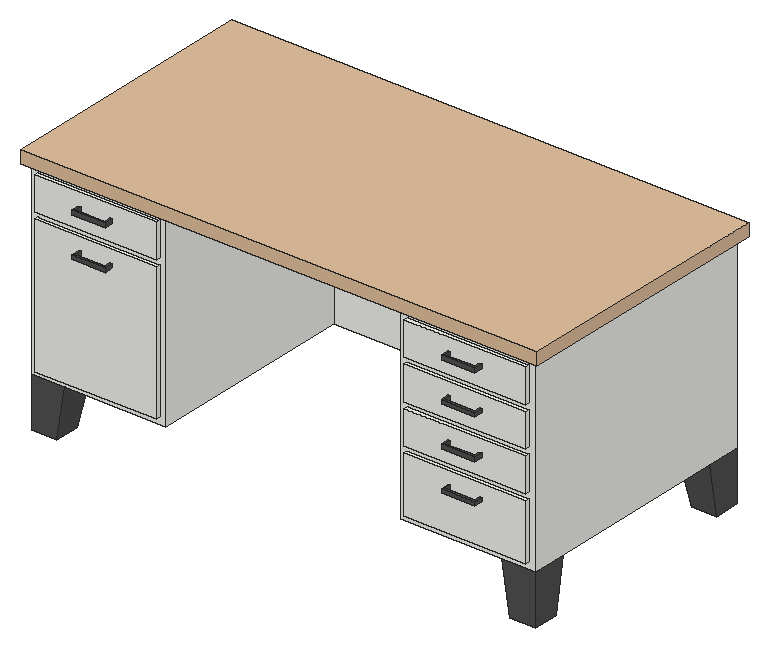
Revit family "Desk", category Furniture, Revit 2015
Parameters (values of type "60" x 30"")
  Assembly Code = "E2020200"
  Depth = 2' - 6"
  Body Material = Laminate, Ivory, Matte
  Handle/Leg Material = Steel, Chrome Plated
  Top Material = Cherry
  Height = 2' - 6"
  Leg Height = 0' - 6"
  Width = 5' - 0"
Types (3): name | Depth | Width
  60" x 30" | 2' - 6" | 5' - 0"
  72" x 36" | 3' - 0" | 6' - 0"
  60" x 30" Student | 2' - 6" | 5' - 0"
Reference planes (in)
  plane 1: z = 0
  plane 2: z = 28.5
  plane 3: z = 6
  plane 4: z = 30
  plane 5 "Center (Left/Right)": x = 30
  plane 6 "Center (Front/Back)": y = 15
  plane 7 "Drawer Edge": y = -0.5
  plane 8: x = 8
  plane 9: x = 52
  plane 10: z = 12
  plane 11: z = 16.75
  plane 12: z = 21.5
  plane 13: z = 26.25
  plane 14: z = 21.5
  plane 15: z = 26.25
  plane 16 "Top": y = 30
  plane 17 "Right": x = 60
  plane 18 "Left": x = 0
  plane 19 "Bottom": y = 0
Forms (in)
  Extrusion 1, solid, material "Laminate, Ivory, Matte" <- "Body Material"
    sketch origin (60, 30, 0) x (-1, 0, 0) y (0, -1, 0)
      loop
        line (0, 30) -> (0, 0) -> (60, 0) -> (60, 30) -> (44, 30) -> (44, 5) -> (16, 5) -> (16, 30) -> (0, 30)
    from 6 to 28.5
  Extrusion 2, solid, material "Cherry" <- "Top Material"
    sketch origin (60, 30, 0) x (-1, 0, 0) y (0, -1, 0)
      loop
        line (-0.75, 30.75) -> (-0.75, -0.75) -> (60.75, -0.75) -> (60.75, 30.75) -> (-0.75, 30.75)
    from 28.5 to 30
  Blend 3, solid, material "Steel, Chrome Plated" <- "Handle/Leg Material"
    base sketch origin (60, 30, 0) x (-1, 0, 0) y (0, -1, 0)
      loop
        line (0, 30) -> (0, 27) -> (3, 27) -> (3, 30) -> (0, 30)
    top sketch origin (60, 30, 0) x (-1, 0, 0) y (0, -1, 0)
      loop
        line (0, 30) -> (0, 26) -> (4, 26) -> (4, 30) -> (0, 30)
    from 0 to 6
  Blend 4, solid, material "Steel, Chrome Plated" <- "Handle/Leg Material"
    base sketch origin (60, 33, 0) x (-1, 0, 0) y (0, -1, 0)
      loop
        line (0, 3) -> (3, 3) -> (3, 6) -> (0, 6) -> (0, 3)
    top sketch origin (60, 33, 0) x (-1, 0, 0) y (0, -1, 0)
      loop
        line (0, 3) -> (4, 3) -> (4, 7) -> (0, 7) -> (0, 3)
    from 0 to 6
  Blend 5, solid, material "Steel, Chrome Plated" <- "Handle/Leg Material"
    base sketch origin (60, 33, 0) x (-1, 0, 0) y (0, -1, 0)
      loop
        line (60, 3) -> (60, 6) -> (57, 6) -> (57, 3) -> (60, 3)
    top sketch origin (60, 33, 0) x (-1, 0, 0) y (0, -1, 0)
      loop
        line (60, 3) -> (60, 7) -> (56, 7) -> (56, 3) -> (60, 3)
    from 0 to 6
  Blend 6, solid, material "Steel, Chrome Plated" <- "Handle/Leg Material"
    base sketch origin (60, 30, 0) x (-1, 0, 0) y (0, -1, 0)
      loop
        line (60, 30) -> (57, 30) -> (57, 27) -> (60, 27) -> (60, 30)
    top sketch origin (60, 30, 0) x (-1, 0, 0) y (0, -1, 0)
      loop
        line (60, 30) -> (56, 30) -> (56, 26) -> (60, 26) -> (60, 30)
    from 0 to 6
  Extrusion 7, solid, material "Laminate, Ivory, Matte" <- "Body Material"
    sketch origin (0, 0, 0) x (-1, 0, 0) y (0, 0, 1)
      loop
        line (-59.25, 27.75) -> (-59.25, 23.75) -> (-44.75, 23.75) -> (-44.75, 27.75) -> (-59.25, 27.75)
      loop
        line (-59.25, 6.75) -> (-44.75, 6.75) -> (-44.75, 13.5) -> (-59.25, 13.5) -> (-59.25, 6.75)
      loop
        line (-44.75, 23) -> (-59.25, 23) -> (-59.25, 19) -> (-44.75, 19) -> (-44.75, 23)
      loop
        line (-44.75, 18.25) -> (-59.25, 18.25) -> (-59.25, 14.25) -> (-44.75, 14.25) -> (-44.75, 18.25)
    from -0.5 to 0
  Extrusion 8, solid, material "Laminate, Ivory, Matte" <- "Body Material"
    sketch origin (-12, -6, 0) x (1, 0, 0) y (0, 0, -1)
      loop
        line (12.75, -27.75) -> (27.25, -27.75) -> (27.25, -23.75) -> (12.75, -23.75) -> (12.75, -27.75)
      loop
        line (12.75, -6.75) -> (12.75, -23) -> (27.25, -23) -> (27.25, -6.75) -> (12.75, -6.75)
    from 5.5 to 6
  Sweep 9, solid, material "Steel, Chrome Plated" <- "Handle/Leg Material"
    path origin (60, 30, 0) x (-1, 0, 0) y (0, -1, 0)
      loop
        line (6, 30.5) -> (6, 31.5) -> (10, 31.5) -> (10, 30.5)
    profile origin (0, -1, 0) x (1, 0, 0) y (0, 0, 1)
      loop
        line (54, 12) -> (53.75, 12) -> (53.75, 11.5) -> (54, 11.5) -> (54, 12)
      loop
        line (54, 16.75) -> (53.75, 16.75) -> (53.75, 16.25) -> (54, 16.25) -> (54, 16.75)
      loop
        line (54, 21.5) -> (53.75, 21.5) -> (53.75, 21) -> (54, 21) -> (54, 21.5)
      loop
        line (54, 26.25) -> (53.75, 26.25) -> (53.75, 25.75) -> (54, 25.75) -> (54, 26.25)
  Sweep 10, solid, material "Steel, Chrome Plated" <- "Handle/Leg Material"
    path origin (60, 30, 0) x (-1, 0, 0) y (0, -1, 0)
      loop
        line (54, 30.5) -> (54, 31.5) -> (50, 31.5) -> (50, 30.5)
    profile origin (0, -1, 0) x (1, 0, 0) y (0, 0, 1)
      loop
        line (6, 21.5) -> (6, 21) -> (6.25, 21) -> (6.25, 21.5) -> (6, 21.5)
      loop
        line (6, 26.25) -> (6, 25.75) -> (6.25, 25.75) -> (6.25, 26.25) -> (6, 26.25)
Lines and regions (in)
  Masking region 1
    outline origin (60, 30, 0) x (-1, 0, 0) y (0, -1, 0)
      loop
        line (0, 30) -> (0, 0) -> (60, 0) -> (60, 30) -> (0, 30)
Dimensions and locks (in)
  "Height": plane 1 to plane 4
  plane 3 to plane 1 = 0' - 6"
  plane 2 to plane 4 = 0' - 1 1/2"
  locked: plane 2 to plane 4 at 1.5
  "Leg Height": plane 3 to plane 1
  Extrusion 1 to Extrusion 7 sketch curve = 0' - 0 3/4"
  plane 3 to Extrusion 7 sketch curve = 0' - 0 3/4"
  Extrusion 7 sketch curve to plane 2 = 0' - 0 3/4"
  plane 13 to Extrusion 7 = 0' - 1 1/2"
  plane 12 to Extrusion 7 = 0' - 1 1/2"
  plane 11 to Extrusion 7 = 0' - 1 1/2"
  plane 10 to Extrusion 7 = 0' - 1 1/2"
  plane 15 to Extrusion 8 = 0' - 1 1/2"
  plane 14 to Extrusion 8 = 0' - 1 1/2"
  locked: plane 9 to plane 17 "Right" at 8
  locked: plane 19 "Bottom" to plane 7 "Drawer Edge" at 0.5
  equal spacing: plane 18 "Left", plane 5 "Center (Left/Right)", plane 17 "Right"
  "Width": plane 18 "Left" to plane 17 "Right"
  equal spacing: plane 16 "Top", plane 6 "Center (Front/Back)", plane 19 "Bottom"
  "Depth": plane 16 "Top" to plane 19 "Bottom"
  locked: Extrusion 2 sketch curve to plane 18 "Left" at 0.75
  locked: Extrusion 2 sketch curve to plane 16 "Top" at 0.75
  locked: plane 17 "Right" to Extrusion 2 sketch curve at 0.75
  locked: plane 19 "Bottom" to Extrusion 2 sketch curve at 0.75
  locked: plane 18 "Left" to plane 8 at 8
  locked: plane 18 "Left" to Blend 5 sketch curve at 3
  locked: plane 16 "Top" to Blend 5 sketch curve at 3
  locked: plane 16 "Top" to Blend 4 sketch curve at 3
  locked: Blend 4 sketch curve to plane 17 "Right" at 3
  locked: plane 16 "Top" to Blend 5 sketch curve at 4
  locked: plane 18 "Left" to Blend 5 sketch curve at 4
  locked: Blend 4 sketch curve to plane 17 "Right" at 4
  locked: plane 16 "Top" to Blend 4 sketch curve at 4
  aligned and locked: Extrusion 1 to plane 2
  aligned and locked: plane 2 to Extrusion 2
  aligned and locked: Extrusion 2 to plane 4
  aligned and locked: plane 3 to Extrusion 1
  aligned and locked: Blend 4 to plane 3
  aligned and locked: Blend 5 to plane 3
  aligned and locked: Blend 3 to plane 3
  aligned and locked: Blend 6 to plane 3
  aligned and locked: Extrusion 7 to plane 7 "Drawer Edge"
  aligned and locked: Extrusion 8 to plane 7 "Drawer Edge"
  aligned and locked: Extrusion 1 sketch curve to plane 16 "Top"
  aligned and locked: plane 18 "Left" to Extrusion 1 sketch curve
  aligned and locked: Masking region 1 sketch curve to plane 16 "Top"
  aligned and locked: plane 18 "Left" to Masking region 1 sketch curve
  aligned and locked: plane 19 "Bottom" to Extrusion 8
  aligned and locked: Extrusion 1 to plane 19 "Bottom"
  aligned and locked: plane 19 "Bottom" to Extrusion 1 sketch curve
  aligned and locked: plane 19 "Bottom" to Extrusion 7
  aligned and locked: Blend 5 sketch curve to plane 18 "Left"
  aligned and locked: Blend 5 sketch curve to plane 16 "Top"
  aligned and locked: Blend 4 sketch curve to plane 17 "Right"
  aligned and locked: plane 16 "Top" to Blend 4 sketch curve
Automatic sketch dimensions
  Blend 3 sketch curve to Blend 3 sketch curve = 0' - 3"
  Blend 3 sketch curve to Blend 3 sketch curve = 0' - 4"
  Blend 4 sketch curve to Blend 4 sketch curve = 0' - 4"  (x2)
  Blend 6 sketch curve to Blend 6 sketch curve = 0' - 3"  (x2)
  Blend 6 sketch curve to Blend 6 sketch curve = 0' - 4"  (x2)
  plane 9 to Extrusion 7 sketch curve = 0' - 7 1/4"
  Extrusion 7 sketch curve to Extrusion 7 sketch curve = 0' - 0"  (x5)
  Extrusion 7 sketch curve to Extrusion 7 sketch curve = 0' - 6 3/4"
  Extrusion 7 sketch curve to Extrusion 7 sketch curve = 0' - 0 3/4"  (x3)
  Extrusion 7 sketch curve to Extrusion 7 sketch curve = 0' - 4"  (x2)
  plane 2 to Extrusion 8 sketch curve = 0' - 0 3/4"
  plane 8 to Extrusion 8 sketch curve = 0' - 7 1/4"
  Extrusion 8 sketch curve to Extrusion 8 sketch curve = 0' - 0"
  Extrusion 8 sketch curve to Extrusion 8 sketch curve = 0' - 4"
  Extrusion 8 sketch curve to Extrusion 8 sketch curve = 0' - 0 3/4"
  Extrusion 8 sketch curve to plane 3 = 0' - 0 3/4"
  Sweep 9 sketch curve to plane 7 "Drawer Edge" = 0' - 0"  (x2)
  plane 7 "Drawer Edge" to Sweep 9 sketch curve = 0' - 1"
  Sweep 9 sketch curve to plane 9 = 0' - 2"
  plane 9 to Sweep 9 sketch curve = 0' - 2"
  Sweep 9 sketch curve to plane 10 = 0' - 0"
  Sweep 9 sketch curve to plane 13 = 0' - 0"
  Sweep 9 sketch curve to plane 12 = 0' - 0"
  Sweep 9 sketch curve to plane 11 = 0' - 0"
  Sweep 9 sketch curve to profile plane = 0' - 0"  (x4)
  Sweep 9 sketch curve to Sweep 9 sketch curve = 0' - 0 1/4"  (x4)
  plane 10 to Sweep 9 sketch curve = 0' - 0 1/2"
  plane 11 to Sweep 9 sketch curve = 0' - 0 1/2"
  plane 12 to Sweep 9 sketch curve = 0' - 0 1/2"
  plane 13 to Sweep 9 sketch curve = 0' - 0 1/2"
  Sweep 10 sketch curve to plane 7 "Drawer Edge" = 0' - 0"  (x2)
  plane 7 "Drawer Edge" to Sweep 10 sketch curve = 0' - 1"
  plane 8 to Sweep 10 sketch curve = 0' - 2"
  Sweep 10 sketch curve to plane 8 = 0' - 2"
  Sweep 10 sketch curve to profile plane = 0' - 0"  (x2)
  Sweep 10 sketch curve to plane 15 = 0' - 0"
  Sweep 10 sketch curve to plane 14 = 0' - 0"
  Sweep 10 sketch curve to Sweep 10 sketch curve = 0' - 0 1/4"  (x2)
  plane 14 to Sweep 10 sketch curve = 0' - 0 1/2"
  plane 15 to Sweep 10 sketch curve = 0' - 0 1/2"
  Blend 3 sketch curve to plane 9 = 0' - 8"  (x2)
  Extrusion 7 sketch curve to plane 9 = 0' - 7 1/4"
  Blend 5 sketch curve to Blend 5 sketch curve = 0' - 4"  (x2)
  Blend 6 sketch curve to plane 8 = 0' - 5"
  Blend 6 sketch curve to plane 8 = 0' - 4"
  Extrusion 8 sketch curve to plane 8 = 0' - 7 1/4"  (x2)
  Blend 3 sketch curve to plane 7 "Drawer Edge" = 0' - 3 1/2"
  Blend 3 sketch curve to plane 7 "Drawer Edge" = 0' - 0 1/2"  (x2)
  Blend 3 sketch curve to plane 7 "Drawer Edge" = 0' - 4 1/2"
  Blend 6 sketch curve to plane 7 "Drawer Edge" = 0' - 3 1/2"
  Blend 6 sketch curve to plane 7 "Drawer Edge" = 0' - 4 1/2"
  Masking region 1 sketch curve to plane 17 "Right" = 0' - 0"
  Masking region 1 sketch curve to plane 19 "Bottom" = 0' - 0"
  Extrusion 1 sketch curve to plane 17 "Right" = 0' - 0"
  Extrusion 1 sketch curve to plane 19 "Bottom" = 0' - 0"
  plane 9 to Extrusion 1 sketch curve = 0' - 8"
  plane 8 to Extrusion 1 sketch curve = 0' - 8"
  Extrusion 1 sketch curve to plane 16 "Top" = 0' - 5"
